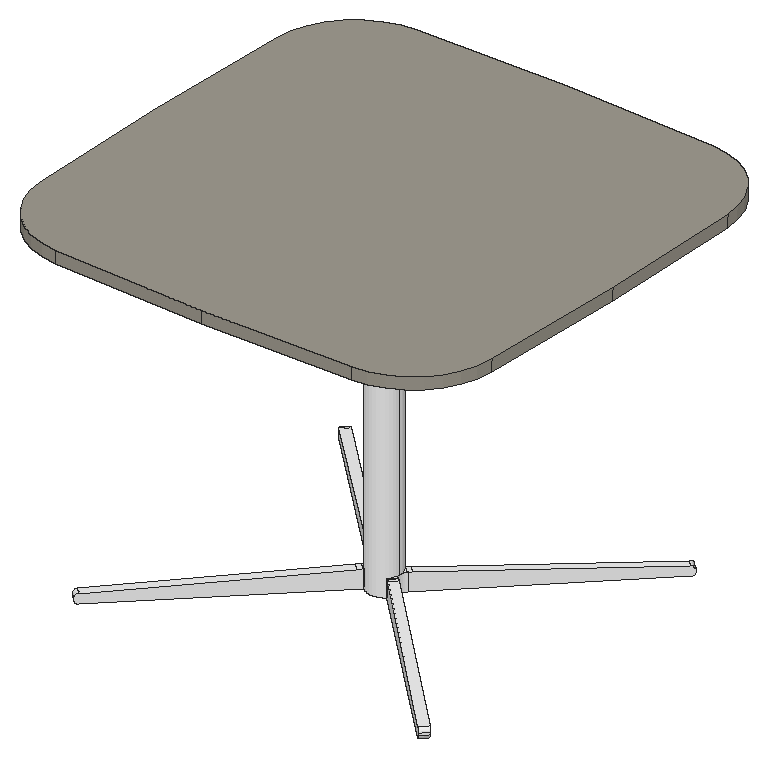
Revit family "Table-Coffee-Teknion-STMTC_Envita-R2011", category Furniture, Revit 2013
Parameters (values of type "15" High")
  Width = 1' - 7.68"  # constant formula
  Warranty = "http://www.teknionstudio.com/pdfs/Teknion%20Studio%20Warranty.pdf"
  URL = "http://www.teknionstudio.com/"
  Surface and Edge Trim Finish [instance] = Wood - Teknion - MP G - Natural Maple Flat Edge
  Series = "Teknion Studio"
  Salvage or Reuse = yes
  Product Page URL = "http://www.teknionstudio.com/envita_tables/#.UkRdPz8QP-o"
  Product Line = "Envita"
  Product Documentation Link = "http://www.teknionstudio.com/pricing/STMTC_ppg.pdf"
  Percentage of Recycled Content = 0
  Part Number = "STMTC"
  Model = "STMTCA"
  Manufacturer Phone = "919-464-2920"
  Manufacturer Fax = "919-464-2927"
  Manufacturer Email = "mailto:customersupport@teknionstudio.com"
  Manufacturer Address = "3940 US 70 Business HWY West, Clayton, NC 27520"
  Manufacturer = "Teknion Studio"  # constant formula
  Low Emitting Material = yes
  Low Emitting Finish = yes
  Height = 1' - 3"
  Frame Finish [instance] = Metal - Teknion - C6 - Chrome
  Description = "Envita Occasional Table, 15\" (38cm) High"
  Depth = 1' - 7.68"  # constant formula
  Assembly Code = "E2020200"
Types (2): name | Model | Height | Description
  15" High | "STMTCA" | 1' - 3" | "Envita Occasional Table, 15\" (38cm) High"
  18 1/2" High | "STMTCC" | 1' - 6 1/2" | "Envita Occasional Table, 18 1/2\" (47cm) High"
Reference planes (in)
  plane 1 "Center F/B": y = 0
  plane 2: z = 0
  plane 3 "Center L/R": x = 0
  plane 4 "Top": z = 15
  plane 5: z = 14.5
  plane 6 "Side 1": through (-4.75087, 4.75087, 48) normal (0.7071, 0.7071, 0)
  plane 7 "Side 2": through (4.75087, 4.75087, 48) normal (0.7071, -0.7071, 0)
  plane 8: z = 14.375
  plane 9: through (-4.61829, 4.88346, 48) normal (0.7071, 0.7071, 0)
  plane 10: through (-4.88346, 4.61829, 48) normal (0.7071, 0.7071, 0)
  plane 11: through (-4.88346, -4.61829, 48) normal (-0.7071, 0.7071, 0)
  plane 12: through (-4.61829, -4.88346, 48) normal (-0.7071, 0.7071, 0)
  plane 13: through (-4.61829, 4.88346, 48) normal (0.7071, -0.7071, 0)
  plane 14: through (4.88346, -4.61829, 48) normal (0.7071, -0.7071, 0)
  plane 15: through (7.41189, -7.41189, 48) normal (-0.7071, 0.7071, 0)
  plane 16: through (-7.41189, 7.41189, 48) normal (-0.7071, 0.7071, 0)
  plane 17: through (7.41189, 7.41189, 48) normal (-0.7071, -0.7071, 0)
  plane 18: through (-4.88346, -4.61829, 48) normal (0.7071, 0.7071, 0)
  plane 19: through (-7.41189, -7.41189, 48) normal (-0.7071, -0.7071, 0)
  plane 20: through (4.61829, 4.88346, 48) normal (0.7071, 0.7071, 0)
  plane 21: z = 13.87515
  plane 22: through (-7.6771, 7.14677, 48) normal (0.7071, 0.7071, 0)
  plane 23: through (1.10485, -0.57452, 48) normal (0.7071, 0.7071, 0)
  plane 24: through (-3.25815, -2.72782, 48) normal (0.7071, -0.7071, 0)
  plane 25: through (1.63518, 1.10485, 48) normal (-0.7071, 0.7071, 0)
  plane 26: z = 0.74314
  plane 27: through (-0.78502, 0.25885, 48) normal (-0.7071, 0.7071, 0)
  plane 28: through (0.25885, -0.78502, 48) normal (-0.7071, 0.7071, 0)
  plane 29: through (0.78502, 0.25885, 48) normal (-0.7071, -0.7071, 0)
  plane 30: through (-0.25885, -0.78502, 48) normal (-0.7071, -0.7071, 0)
  plane 31: x = -9.84
  plane 32: x = -7
  plane 33: x = 9.84
  plane 34: x = 7
  plane 35: y = 9.84
  plane 36: y = 7
  plane 37: y = -9.84
  plane 38: y = -7
  plane 39: y = -4.5
  plane 40: x = -4.5
  plane 41: y = 4.5
  plane 42: x = 4.5
Forms (in)
  Extrusion 1, solid, material "Metal - Teknion - C6 - Chrome" <- "Frame Finish"
    sketch origin (0, 0, 0) x (-0.707107, 0.707107, 0) y (0, 0, 1)
      loop
        line (6.71875, 14.375) -> (-6.71875, 14.375) -> (-6.71875, 14.32579)
        arc (-6.71875, 14.32579) -> (-6.63393, 14.17443) -> (-6.47104, 14.11468) r 0.25012
        line (-6.47104, 14.11468) -> (-0.72247, 13.87515) -> (0.72834, 13.87515) -> (6.4821, 14.11489)
        arc (6.4821, 14.11489) -> (6.6381, 14.17807) -> (6.71875, 14.32579) r 0.25012
        line (6.71875, 14.32579) -> (6.71875, 14.375)
    from -0.1875 to 0.1875
  Extrusion 2, solid, material "Metal - Teknion - C6 - Chrome" <- "Frame Finish"
    sketch origin (0, 0, 0) x (0.707107, 0.707107, 0) y (0, 0, -1)
      loop
        line (6.71875, -14.375) -> (6.71875, -14.30825)
        arc (6.71875, -14.30825) -> (6.63341, -14.1712) -> (6.4821, -14.11489) r 0.25
        line (6.4821, -14.11489) -> (0.72834, -13.87515) -> (-0.71953, -13.87515) -> (-6.47104, -14.1148)
        arc (-6.47104, -14.1148) -> (-6.63415, -14.17478) -> (-6.71875, -14.32658) r 0.25
        line (-6.71875, -14.32658) -> (-6.71875, -14.375) -> (6.71875, -14.375)
    from -0.1875 to 0.1875
  Extrusion 3, solid, material "Metal - Teknion - C6 - Chrome" <- "Frame Finish"
    sketch origin (0, 0, 0) x (1, 0, 0) y (0, 1, 0)
      loop
        arc (-0.5242, -0.51968) -> (-0.33551, 0) -> (-0.5242, 0.51968) r 0.81
        line (-0.5242, 0.51968) -> (-0.78747, 0.2564)
        arc (-0.78747, 0.2564) -> (-0.70728, 0) -> (-0.78747, -0.2564) r 0.45
        line (-0.78747, -0.2564) -> (-0.5242, -0.51968)
      loop
        arc (0.5242, 0.51968) -> (0.33551, 0) -> (0.5242, -0.51968) r 0.81
        line (0.5242, -0.51968) -> (0.78747, -0.2564)
        arc (0.78747, -0.2564) -> (0.70728, 0) -> (0.78747, 0.2564) r 0.45
        line (0.78747, 0.2564) -> (0.5242, 0.51968)
    from 0 to 0.74314
  Extrusion 4, solid, material "Metal - Teknion - C6 - Chrome" <- "Frame Finish"
    sketch origin (0, 0, 0) x (1, 0, 0) y (0, 1, 0)
      loop
        circle (0, 0) r 0.6875
    from 0 to 14.375
  Extrusion 5, solid, material "Metal - Teknion - C6 - Chrome" <- "Frame Finish"
    sketch origin (-1.92144, -1.27122, 13.9064) x (-0.707107, 0.707107, 0) y (-0.707107, -0.707107, 0)
      loop
        circle (-0.45978, -2.25755) r 0.75
    from -0.03125 to 0.4686
  Extrusion 6, void
    sketch origin (-1.92144, -1.27122, 13.87515) x (-0.707107, -0.707107, 0) y (-0.707107, 0.707107, 0)
      loop
        circle (-2.25755, -0.45978) r 0.7
    from 0 to -0.62485
  Extrusion 7, solid, material "Metal - Teknion - C6 - Chrome" <- "Frame Finish"
    sketch origin (-7.6771, 7.14677, 48) x (-0.707107, 0.707107, 0) y (0, 0, 1)
      loop
        line (-9.74393, -48) -> (-0.13623, -48)
        arc (-0.13623, -48) -> (-0.04278, -47.95663) -> (-0.00006, -47.86288) r 0.14845
        line (-0.00006, -47.86288) -> (-0.00006, -47.75925)
        arc (-0.00006, -47.75925) -> (-0.04286, -47.65036) -> (-0.14835, -47.59974) r 0.15993
        line (-0.14835, -47.59974) -> (-9.55583, -47.25686) -> (-9.74393, -47.25686) -> (-9.74393, -48)
    from 0 to 0.375
  Extrusion 8, solid, material "Metal - Teknion - C6 - Chrome" <- "Frame Finish"
    sketch origin (-4.75087, 4.75087, 48) x (-0.707107, 0.707107, 0) y (0, 0, 1)
      loop
        line (-7.45688, -48) -> (-7.45688, -47.25686) -> (-7.64499, -47.25686) -> (-17.05246, -47.59974)
        arc (-17.05246, -47.59974) -> (-17.15795, -47.65036) -> (-17.20075, -47.75925) r 0.15993
        line (-17.20075, -47.75925) -> (-17.20075, -47.86288)
        arc (-17.20075, -47.86288) -> (-17.15803, -47.95663) -> (-17.06458, -48) r 0.14845
        line (-17.06458, -48) -> (-7.45688, -48)
    from 0 to 0.375
  Extrusion 9, solid, material "Metal - Teknion - C6 - Chrome" <- "Frame Finish"
    sketch origin (4.75087, 4.75087, 48) x (0.707107, 0.707107, 0) y (0, 0, -1)
      loop
        line (-5.98062, 48) -> (-5.98062, 47.25686) -> (-5.79251, 47.25686) -> (3.61496, 47.59974)
        arc (3.61496, 47.59974) -> (3.72045, 47.65036) -> (3.76325, 47.75925) r 0.15993
        line (3.76325, 47.75925) -> (3.76325, 47.86288)
        arc (3.76325, 47.86288) -> (3.72053, 47.95663) -> (3.62708, 48) r 0.14845
        line (3.62708, 48) -> (-5.98062, 48)
    from 0 to -0.375
  Extrusion 10, solid, material "Metal - Teknion - C6 - Chrome" <- "Frame Finish"
    sketch origin (4.75087, 4.75087, 48) x (0.707107, 0.707107, 0) y (0, 0, -1)
      loop
        line (-7.45688, 48) -> (-17.06458, 48)
        arc (-17.06458, 48) -> (-17.15803, 47.95663) -> (-17.20075, 47.86288) r 0.14845
        line (-17.20075, 47.86288) -> (-17.20075, 47.75925)
        arc (-17.20075, 47.75925) -> (-17.15795, 47.65036) -> (-17.05246, 47.59974) r 0.15993
        line (-17.05246, 47.59974) -> (-7.64499, 47.25686) -> (-7.45688, 47.25686) -> (-7.45688, 48)
    from 0 to 0.375
  Extrusion 11, solid, material "Wood - Teknion - MP G - Natural Maple Flat Edge" <- "Surface and Edge Trim Finish"
    sketch origin (-15, -180, 14.5) x (-1, 0, 0) y (0, -1, 0)
      loop
        arc (-24.7172, -186.35503) -> (-23.69469, -188.69469) -> (-21.35503, -189.7172) r 3.5
        arc (-21.35503, -189.7172) -> (-18.17811, -189.8093) -> (-15, -189.84) r 164.5
        arc (-15, -189.84) -> (-11.82189, -189.8093) -> (-8.64497, -189.7172) r 164.5
        arc (-8.64497, -189.7172) -> (-6.30531, -188.69469) -> (-5.2828, -186.35503) r 3.5
        arc (-5.2828, -186.35503) -> (-5.1907, -183.17811) -> (-5.16, -180) r 164.5
        arc (-5.16, -180) -> (-5.1907, -176.82189) -> (-5.2828, -173.64497) r 164.5
        arc (-5.2828, -173.64497) -> (-6.30531, -171.30531) -> (-8.64497, -170.2828) r 3.5
        arc (-8.64497, -170.2828) -> (-11.82189, -170.1907) -> (-15, -170.16) r 164.5
        arc (-15, -170.16) -> (-18.17811, -170.1907) -> (-21.35503, -170.2828) r 164.5
        arc (-21.35503, -170.2828) -> (-23.69469, -171.30531) -> (-24.7172, -173.64497) r 3.5
        arc (-24.7172, -173.64497) -> (-24.8093, -176.82189) -> (-24.84, -180) r 164.5
        arc (-24.84, -180) -> (-24.8093, -183.17811) -> (-24.7172, -186.35503) r 164.5
    from 0 to 0.5
  Extrusion 12, solid, material "Metal - Teknion - C6 - Chrome" <- "Frame Finish"
    sketch origin (-15, -180, 14.375) x (-1, 0, 0) y (0, -1, 0)
      loop
        arc (-9, -187) -> (-8.29289, -186.70711) -> (-8, -186) r 1
        line (-8, -186) -> (-8, -174)
        arc (-8, -174) -> (-8.29289, -173.29289) -> (-9, -173) r 1
        line (-9, -173) -> (-21, -173)
        arc (-21, -173) -> (-21.70711, -173.29289) -> (-22, -174) r 1
        line (-22, -174) -> (-22, -186)
        arc (-22, -186) -> (-21.70711, -186.70711) -> (-21, -187) r 1
        line (-21, -187) -> (-9, -187)
    from 0 to 0.125
Cuts and joins
  joined: Extrusion 3, Extrusion 4, Extrusion 5
  Extrusion 6 cuts Extrusion 1
  Extrusion 6 cuts Extrusion 2
Lines and regions (in)
  Masking region 1
    outline origin (0, 0, 15) x (-1, 0, 0) y (0, -1, 0)
      loop
        arc (-6.35503, 9.7172) -> (-8.69469, 8.69469) -> (-9.7172, 6.35503) r 3.5
        arc (-9.7172, 6.35503) -> (-9.8093, 3.17811) -> (-9.84, 0) r 164.5
        arc (-9.84, 0) -> (-9.8093, -3.17811) -> (-9.7172, -6.35503) r 164.5
        arc (-9.7172, -6.35503) -> (-8.69469, -8.69469) -> (-6.35503, -9.7172) r 3.5
        arc (-6.35503, -9.7172) -> (-3.17811, -9.8093) -> (0, -9.84) r 164.5
        arc (0, -9.84) -> (3.17811, -9.8093) -> (6.35503, -9.7172) r 164.5
        arc (6.35503, -9.7172) -> (8.69469, -8.69469) -> (9.7172, -6.35503) r 3.5
        arc (9.7172, -6.35503) -> (9.8093, -3.17811) -> (9.84, 0) r 164.5
        arc (9.84, 0) -> (9.8093, 3.17811) -> (9.7172, 6.35503) r 164.5
        arc (9.7172, 6.35503) -> (8.69469, 8.69469) -> (6.35503, 9.7172) r 3.5
        arc (6.35503, 9.7172) -> (3.17811, 9.8093) -> (0, 9.84) r 164.5
        arc (0, 9.84) -> (-3.17811, 9.8093) -> (-6.35503, 9.7172) r 164.5
  symbolic lines, style "Hidden Lines", detail levels medium+fine
    curve 1: arc (-0.78918, -0.25885, 0) -> (-0.70652, 0, 0) -> (-0.78918, 0.25885, 0) r 0.44661
    curve 2: arc (0.78918, 0.25885, 0) -> (0.70652, 0, 0) -> (0.78918, -0.25885, 0) r 0.44661
    curve 5: arc (-0.42819, -0.37623, 0) -> (-0.33551, 0, 0) -> (-0.42819, 0.37623, 0) r 0.81
    curve 6: arc (0.42819, 0.37623, 0) -> (0.33551, 0, 0) -> (0.42819, -0.37623, 0) r 0.81
    curve 7: line (-7.67706, 7.14673, 15) -> (-7.41189, 7.41189, 15)
    curve 8: line (7.67706, 7.14673, 15) -> (7.41189, 7.41189, 15)
    curve 17: line (7.41189, 7.41189, 15) -> (0.52194, 0.52194, 15)
    curve 18: line (-0.7871, -0.25677, 15) -> (-7.67706, -7.14673, 15)
    curve 19: line (-7.41189, -7.41189, 15) -> (-7.67706, -7.14673, 15)
    curve 20: line (7.41189, -7.41189, 15) -> (7.67706, -7.14673, 15)
    curve 21: line (0.7871, -0.25677, 15) -> (7.67706, -7.14673, 15)
    curve 22: line (0.7871, 0.25677, 15) -> (7.67706, 7.14673, 15)
    curve 23: line (0.52194, -0.52194, 15) -> (7.41189, -7.41189, 15)
    curve 24: line (-7.67706, 7.14673, 15) -> (-0.7871, 0.25677, 15)
    curve 25: line (-7.41189, 7.41189, 15) -> (-0.52194, 0.52194, 15)
    curve 26: line (-0.52194, -0.52194, 15) -> (-7.41189, -7.41189, 15)
  symbolic lines, style "Hidden Lines", detail levels fine
    curve 3: circle (0, 0, 0) r 0.57 normal (0, 0, 1)
    curve 4: circle (0, 0, 0) r 0.6875 normal (0, 0, 1)
    curve 9: line (-6, 7, 15) -> (6, 7, 15)
    curve 10: line (-6, -7, 15) -> (6, -7, 15)
    curve 11: line (-7, -6, 15) -> (-7, 6, 15)
    curve 12: line (7, -6, 15) -> (7, 6, 15)
    curve 13: arc (-6, 7, 15) -> (-6.70711, 6.70711, 15) -> (-7, 6, 15) r 1
    curve 14: arc (-7, -6, 15) -> (-6.70711, -6.70711, 15) -> (-6, -7, 15) r 1
    curve 15: arc (6, -7, 15) -> (6.70711, -6.70711, 15) -> (7, -6, 15) r 1
    curve 16: arc (7, 6, 15) -> (6.70711, 6.70711, 15) -> (6, 7, 15) r 1
Dimensions and locks (in)
  "Height": plane 4 "Top" to level
  locked: plane 4 "Top" to plane 5 at 0.5
  locked: plane 5 to plane 8 at 0.125
  equal spacing: plane 11, plane 7 "Side 2", plane 12
  locked: plane 11 to plane 12 at 0.375
  equal spacing: plane 9, plane 6 "Side 1", plane 10
  locked: plane 9 to plane 10 at 0.375
  equal spacing: plane 14, plane 7 "Side 2", plane 13
  locked: plane 14 to plane 13 at 13.4375
  equal spacing: plane 20, plane 6 "Side 1", plane 18
  locked: plane 20 to plane 18 at 13.4375
  equal spacing: plane 17, plane 6 "Side 1", plane 19
  locked: plane 17 to plane 19 at 20.964
  locked: plane 15 to plane 16 at 20.964
  locked: plane 8 to plane 21 at 0.49985
  locked: plane 7 "Side 2" to plane 25 at 0.375
  locked: plane 6 "Side 1" to plane 22 at 0.375
  locked: plane 7 "Side 2" to plane 24 at 0.375
  locked: plane 23 to plane 6 "Side 1" at 0.375
  locked: plane 26 to plane 2 at 0.74314
  equal spacing: plane 15, plane 7 "Side 2", plane 16
  equal spacing: plane 27, plane 7 "Side 2", plane 28
  locked: plane 27 to plane 28 at 1.47626
  equal spacing: plane 29, plane 6 "Side 1", plane 30
  locked: plane 29 to plane 30 at 1.47626
  equal spacing: plane 31, plane 3 "Center L/R", plane 33
  locked: plane 31 to plane 32 at 2.84
  locked: plane 34 to plane 33 at 2.84
  "Depth": plane 31 to plane 33
  equal spacing: plane 35, plane 1 "Center F/B", plane 37
  "Width": plane 35 to plane 37
  locked: plane 35 to plane 36 at 2.84
  locked: plane 37 to plane 38 at 2.84
  equal spacing: Extrusion 11 sketch curve, plane 1 "Center F/B", Extrusion 11 sketch curve
  equal spacing: Extrusion 11 sketch curve, plane 1 "Center F/B", Extrusion 11 sketch curve, locked at 6.21981 each
  equal spacing: Extrusion 11 sketch curve, plane 3 "Center L/R", Extrusion 11 sketch curve  (x2)
  locked: plane 31 to plane 40 at 5.34
  locked: plane 42 to plane 33 at 5.34
  locked: plane 35 to plane 41 at 5.34
  locked: plane 37 to plane 39 at 5.34
  locked: Extrusion 10 sketch curve to plane 6 "Side 1" at 0.73813
  locked: plane 6 "Side 1" to Extrusion 9 sketch curve at 0.73813
  Extrusion 3 sketch curve to plane 3 "Center L/R" to Extrusion 3 sketch curve = 0' - 1.14551" locked, 0' - 1.14551" locked
  Extrusion 3 sketch curve to plane 3 "Center L/R" to Extrusion 3 sketch curve = 0' - 1.15728" locked, 0' - 1.15728" locked
  locked: Extrusion 10 sketch curve to plane 26 at 0.34806
  locked: plane 26 to Extrusion 9 sketch curve at 0.34806
  locked: Extrusion 7 sketch curve to plane 26 at 0.34806
  locked: plane 26 to Extrusion 8 sketch curve at 0.34806
  locked: Extrusion 1 sketch curve to plane 7 "Side 2" at 1.15419
  locked: Extrusion 1 sketch curve to plane 7 "Side 2" at 1.15395
  locked: plane 6 "Side 1" to Extrusion 2 sketch curve at 1.15419
  locked: plane 6 "Side 1" to Extrusion 2 sketch curve at 1.15382
  radius of Extrusion 2 sketch curve = 0' - 0 1/4"  (x2)
  locked: Extrusion 6 sketch curve to Extrusion 6 sketch curve (radius 0' - 0.7")
  radius of Extrusion 7 sketch curve = 0' - 0.15993"
  radius of Extrusion 7 sketch curve = 0' - 0 19/128"
  radius of Extrusion 8 sketch curve = 0' - 0.15993"
  radius of Extrusion 8 sketch curve = 0' - 0 19/128"
  radius of Extrusion 9 sketch curve = 0' - 0.15993"
  radius of Extrusion 9 sketch curve = 0' - 0 19/128"
  radius of Extrusion 10 sketch curve = 0' - 0.15993"
  radius of Extrusion 10 sketch curve = 0' - 0 19/128"
  radius of Extrusion 11 sketch curve = 0' - 3 1/2"  (x4)
  radius of Extrusion 12 sketch curve = 0' - 1"  (x4)
  locked: plane 3 "Center L/R" to plane 6 "Side 1" (angle 45.00°)
  locked: plane 7 "Side 2" to plane 3 "Center L/R" (angle 45.00°)
  locked: plane 21 to Extrusion 1 sketch curve (angle 2.38594°)
  locked: Extrusion 1 sketch curve to plane 21 (angle 2.38594°)
  locked: Extrusion 2 sketch curve to plane 21 (angle 2.38594°)
  locked: plane 21 to Extrusion 2 sketch curve (angle 2.38594°)
  aligned and locked: level to plane 2
  aligned and locked: plane 13 to Extrusion 1 sketch curve
  aligned and locked: plane 8 to Extrusion 1 sketch curve
  aligned and locked: Extrusion 1 sketch curve to plane 21
  aligned and locked: Extrusion 1 sketch curve to plane 14
  aligned and locked: Extrusion 1 to plane 10
  aligned and locked: plane 9 to Extrusion 1
  aligned and locked: plane 8 to Extrusion 2 sketch curve
  aligned and locked: plane 21 to Extrusion 2 sketch curve
  aligned and locked: Extrusion 2 sketch curve to plane 18
  aligned and locked: plane 18 to Extrusion 2 sketch curve
  aligned and locked: plane 20 to Extrusion 2 sketch curve  (x2)
  aligned and locked: plane 11 to Extrusion 2
  aligned and locked: Extrusion 2 to plane 12
  aligned and locked: plane 26 to Extrusion 3
  aligned and locked: plane 8 to Extrusion 4
  aligned: plane 8 to Extrusion 5
  aligned and locked: Extrusion 6 to plane 21
  aligned and locked: plane 7 "Side 2" to Extrusion 6 sketch curve
  aligned and locked: curve 5 to cut or joined group of Extrusion 3, Extrusion 4, Extrusion 5
  aligned and locked: curve 6 to cut or joined group of Extrusion 3, Extrusion 4, Extrusion 5
  aligned and locked: plane 27 to Extrusion 7 sketch curve
  aligned and locked: Extrusion 7 sketch curve to plane 16
  aligned and locked: plane 26 to Extrusion 7 sketch curve
  aligned and locked: level to Extrusion 7 sketch curve
  aligned and locked: plane 28 to Extrusion 8 sketch curve
  aligned and locked: plane 2 to Extrusion 8 sketch curve
  aligned and locked: plane 26 to Extrusion 8 sketch curve
  aligned and locked: Extrusion 8 sketch curve to plane 15
  aligned and locked: plane 6 "Side 1" to Extrusion 7
  aligned and locked: plane 23 to Extrusion 8
  aligned and locked: Extrusion 10 to plane 24
  aligned and locked: Extrusion 9 to plane 25
  aligned and locked: Extrusion 11 sketch curve to plane 37
  aligned and locked: plane 35 to Extrusion 11 sketch curve
  aligned and locked: Extrusion 11 sketch curve to plane 33
  aligned and locked: plane 31 to Extrusion 11 sketch curve
  aligned and locked: Extrusion 12 sketch curve to plane 36
  aligned and locked: plane 38 to Extrusion 12 sketch curve
  aligned and locked: plane 34 to Extrusion 12 sketch curve
  aligned and locked: Extrusion 12 sketch curve to plane 32
  aligned and locked: plane 16 to curve 7
  aligned and locked: curve 8 to plane 17
  aligned and locked: curve 13 to Extrusion 12
  aligned and locked: curve 14 to Extrusion 12
  aligned and locked: curve 15 to Extrusion 12
  aligned and locked: curve 16 to Extrusion 12
  aligned and locked: curve 17 to plane 7 "Side 2"
  aligned and locked: curve 18 to plane 24
  aligned and locked: curve 19 to plane 19
  aligned and locked: curve 20 to plane 15
  aligned and locked: curve 21 to plane 23
  aligned and locked: curve 22 to plane 25
  aligned and locked: curve 23 to plane 6 "Side 1"
  aligned and locked: plane 28 to curve 23
  aligned and locked: plane 29 to curve 17
  aligned and locked: curve 24 to plane 22
  aligned and locked: curve 25 to plane 6 "Side 1"
  aligned and locked: plane 27 to curve 25
  aligned and locked: plane 4 "Top" to Extrusion 11
  aligned and locked: plane 5 to Extrusion 12
  aligned and locked: plane 30 to curve 26
  aligned and locked: plane 29 to curve 22
  aligned and locked: plane 27 to curve 24
  aligned and locked: plane 28 to curve 21
  aligned and locked: Masking region 1 sketch curve to Extrusion 11  (x12)
  aligned and locked: cut or joined group of Extrusion 3, Extrusion 4, Extrusion 5 to plane 2  (x2)
  aligned and locked: Extrusion 10 sketch curve to plane 2
  aligned and locked: plane 19 to Extrusion 10 sketch curve
  aligned and locked: Extrusion 9 sketch curve to plane 17
  aligned and locked: plane 2 to Extrusion 9 sketch curve
  aligned and locked: plane 1 "Center F/B" to Extrusion 4 sketch curve
  aligned and locked: plane 3 "Center L/R" to Extrusion 4 sketch curve
  aligned and locked: plane 6 "Side 1" to Extrusion 5 sketch curve
  aligned and locked: plane 7 "Side 2" to Extrusion 5 sketch curve
  aligned and locked: Extrusion 3 sketch curve to plane 30
  aligned and locked: Extrusion 3 sketch curve to plane 27
  aligned and locked: plane 29 to Extrusion 3 sketch curve
  aligned and locked: plane 28 to Extrusion 3 sketch curve
  aligned and locked: plane 1 "Center F/B" to Extrusion 3 sketch curve  (x4)
  aligned and locked: Extrusion 10 to plane 7 "Side 2"
  aligned and locked: Extrusion 9 to plane 7 "Side 2"
  aligned and locked: Extrusion 8 to plane 6 "Side 1"
  aligned: cut or joined group of Extrusion 3, Extrusion 4, Extrusion 5 to plane 21
  aligned and locked: plane 8 to cut or joined group of Extrusion 3, Extrusion 4, Extrusion 5  (x2)
  aligned and locked: cut or joined group of Extrusion 3, Extrusion 4, Extrusion 5 to plane 21
Automatic sketch dimensions
  plane 1 "Center F/B" to Extrusion 6 sketch curve = 0' - 0"
  plane 16 to Extrusion 7 sketch curve = 0' - 0.14829"
  Extrusion 7 sketch curve to Extrusion 7 sketch curve = 0' - 0.01188"
  plane 16 to Extrusion 7 sketch curve = 0' - 0.13617"
  Extrusion 7 sketch curve to Extrusion 7 sketch curve = 0' - 0.10363"
  plane 15 to Extrusion 8 sketch curve = 0' - 0.13617"
  Extrusion 8 sketch curve to Extrusion 8 sketch curve = 0' - 0.01188"
  plane 15 to Extrusion 8 sketch curve = 0' - 0.14829"
  Extrusion 8 sketch curve to Extrusion 8 sketch curve = 0' - 0.10363"
  Extrusion 3 sketch curve to plane 1 "Center F/B" = 0' - 0.2564"
  plane 1 "Center F/B" to Extrusion 3 sketch curve = 0' - 0.51968"  (x2)
  curve 3 to curve 4 = 0' - 0"  (x2)
  plane 1 "Center F/B" to curve 1 = 0' - 0"
  curve 1 to plane 22 = 0' - 0"
  plane 24 to curve 1 = 0' - 0"
  plane 1 "Center F/B" to curve 3 = 0' - 0"
  curve 3 to plane 3 "Center L/R" = 0' - 0"
  curve 2 to plane 23 = 0' - 0"
  curve 2 to plane 25 = 0' - 0"
  plane 1 "Center F/B" to curve 2 = 0' - 0"
  curve 1 to curve 5 = 0' - 0.00761"
  curve 1 to plane 1 "Center F/B" = 0' - 0.25885"
  Extrusion 1 sketch curve to plane 8 = 0' - 0.0102"  (x2)
  Extrusion 1 sketch curve to Extrusion 1 sketch curve = 0' - 0.24706"  (x2)
  plane 14 to Extrusion 1 sketch curve = 0' - 0.24771"
  plane 13 to Extrusion 1 sketch curve = 0' - 0.23665"
  plane 8 to Extrusion 2 sketch curve = 0' - 0.0102"  (x2)
  Extrusion 2 sketch curve to Extrusion 2 sketch curve = 0' - 0.24706"
  Extrusion 2 sketch curve to plane 20 = 0' - 0.24352"
  plane 26 to Extrusion 9 sketch curve = 0' - 0"
  Extrusion 9 sketch curve to plane 17 = 0' - 0.14829"
  Extrusion 9 sketch curve to Extrusion 9 sketch curve = 0' - 0.01188"
  Extrusion 9 sketch curve to plane 17 = 0' - 0.13617"
  Extrusion 9 sketch curve to Extrusion 9 sketch curve = 0' - 0.10363"
  plane 26 to Extrusion 10 sketch curve = 0' - 0"
  Extrusion 10 sketch curve to plane 19 = 0' - 0.13617"
  Extrusion 10 sketch curve to Extrusion 10 sketch curve = 0' - 0.01188"
  Extrusion 10 sketch curve to plane 19 = 0' - 0.14829"
  Extrusion 10 sketch curve to Extrusion 10 sketch curve = 0' - 0.10363"
  Extrusion 11 sketch curve to Extrusion 11 sketch curve = 0' - 0"  (x9)
  plane 1 "Center F/B" to Extrusion 11 sketch curve = 0' - 0"
  Extrusion 11 sketch curve to plane 6 "Side 1" = 0' - 0"  (x2)
  plane 7 "Side 2" to Extrusion 11 sketch curve = 0' - 0"
  Extrusion 11 sketch curve to plane 3 "Center L/R" = 0' - 0"  (x2)
  Extrusion 11 sketch curve to plane 1 "Center F/B" = 0' - 0"
  Extrusion 11 sketch curve to Extrusion 11 sketch curve = 12' - 0.82"
  Extrusion 11 sketch curve to plane 33 = 0' - 0.1228"
  Extrusion 11 sketch curve to Extrusion 11 sketch curve = 0' - 0.13521"  (x2)
  curve 26 to plane 7 "Side 2" = 0' - 0"
  plane 30 to curve 18 = 0' - 0"
  curve 6 to curve 2 = 0' - 0.00761"
  plane 1 "Center F/B" to curve 5 = 0' - 0.37623"
  curve 2 to plane 1 "Center F/B" = 0' - 0.25885"
  plane 1 "Center F/B" to Extrusion 3 sketch curve = 0' - 0.2564"
  radius of Extrusion 4 sketch curve = 0' - 0 11/16"
  radius of Extrusion 5 sketch curve = 0' - 0 3/4"
  radius of curve 4 = 0' - 0 11/16"
